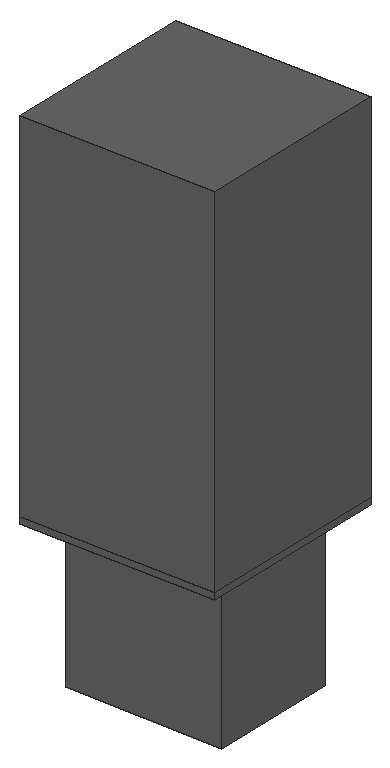
Revit family "LTC-6SQD-S", category Lighting Fixtures, host Face, Revit 2017
Family settings
  Host = Face
  Round Connector Dimension = Use Diameter
  Part Type = Normal
  OmniClass Number = 23.80.70.11.14.11
  OmniClass Title = Downlights
  Cut with Voids When Loaded = No
  Light Source = Yes
  Shared = Yes
  Room Calculation Point = No
Parameters (values of type "LTC-6SQD-SRMD")
  Width = 7.58984"
  Wattage Comments = "8-25"  # constant formula
  Wattage = 25 W
  built-in parameter 1150110 = 1 (stored number, unit not read)
  Voltage = if(Is 120V, 120 V, 277 V)  # 120 V
  URL = "https://www.hubbell.com/prescolite/en"
  built-in parameter 1114217 = 1 (stored number, unit not read)
  Tilt Angle = -90.00°
  built-in parameter 1150109 = 1 (stored number, unit not read)
  built-in parameter 1150134 = (empty or 0)
  built-in parameter 1150113 = 1 (stored number, unit not read)
  SRMD = yes
  Reflector Finish = Paint - Hubbell - Carbon Black
  Recessed = no
  Product Page URL = "https://www.hubbell.com/prescolite/en/Products/Lighting-Controls/Commercial-Indoor-Lighting/Cylinders/LITEISTRY-6-Square-Cylinder/p/3775907"
  Product Material = Paint - Hubbell - Carbon Black
  Product Documentation Link = "https://hubbellcdn.com/specsheet/LTC-6SQD.pdf"
  Photometric Web File = "LTC-6SQD-P-06L35K8MD-DM1-S-BL.ies"
  Photometric Notes = "More IES files download on Photometric Web Link"  # constant formula
  Model = "LTC-6SQD"  # constant formula
  Manufacturer = "Prescolite"  # constant formula
  built-in parameter 1150105 = -6252400 (stored number, unit not read)
  Lumens = 2200 lm
  built-in parameter 1150115 = 1 (stored number, unit not read)
  Load Classification = Lighting
  built-in parameter 1150137 = (empty or 0)
  built-in parameter 1150139 = (empty or 0)
  built-in parameter 1150112 = 1 (stored number, unit not read)
  built-in parameter 1150114 = 1 (stored number, unit not read)
  Lamp = " LED's"  # constant formula
  Is 277V = not(Is 120V)  # no
  Is 120V = yes
  built-in parameter 1150132 = (empty or 0)
  built-in parameter 1150102 = (empty or 0)
  built-in parameter 1150107 = 3000 (stored number, unit not read)
  built-in parameter 1150138 = (empty or 0)
  built-in parameter 1150106 = -62524 (stored number, unit not read)
  Height = 14.00"
  Glass = Hubbell - White Glass
  Frequency = 60 Hz  # constant formula
  Emit from Rectangle Width = Width  # 7.58984"
  Emit from Rectangle Length = Width  # 7.58984"
  Emit Shape Visible in Rendering = yes
  built-in parameter 1150104 = 8.1755 (stored number, unit not read)
  Dimming Lamp Color Temperature Shift = <None>
  Description = "LITEISTRY™ 6inch Square Cylinder Downlight"  # constant formula
  Default Elevation = 48.00"
  Contact Us = "https://www.hubbell.com/prescolite/en/contactUs"
  Connector Description = "Lighting Connector"  # constant formula
  Color Filter = 16777215
  Ceiling Thickness [instance] = 1.25"
  Cutout Radius = 3.125"
  Ceiling Cutout = Cutout Radius * 2  # 6.25"
  Canopy width = 7.58984"
  Canopy Height = 0.25"
  built-in parameter 1114218 = 1 (stored number, unit not read)
  built-in parameter 1150133 = 10 (stored number, unit not read)
  Apparent Load = 52 VA
Types (6): name | SRMD | Recessed | Canopy width | Canopy Height
  (no name) | yes | no | 7.58984" | 0.25"
  LTC-6SQD-S | no | yes | 7.58984" | 0.25"
  LTC-6SQD-SRMD | yes | no | 7.58984" | 0.25"
  LTC-6SQD-SCC | no | no | 7.75" | 3.00"
  LTC-6SQD-SPC | no | yes | 7.75" | 3.00"
  LTC-6SQD-SPCC | no | no | 7.82813" | 4.50"
Reference planes (in)
  plane 1 "Center (Front/Back)": y = 0
  plane 2: z = 0
  plane 3 "Center (Left/Right)": x = 0
  plane 4: x = 3
  plane 5: x = -3
  plane 6: y = 3
  plane 7: y = -3
  plane 8: x = 3.79492
  plane 9: x = -3.79492
  plane 10: y = 3.79492
  plane 11: y = -3.79492
  plane 12: z = -6
  plane 13: x = 3.79492
  plane 14: x = -3.79492
  plane 15: z = 0.25
  plane 16: y = 3.79492
  plane 17: y = -3.79492
  plane 18: z = 14.25
Forms (in)
  Extrusion 1, void
    sketch origin (0, 0, 0) x (1, 0, 0) y (0, 1, 0)
      loop
        circle (0, 0) r 3.125
    from -1.25 to 0
  Extrusion 2, solid, material "Paint - Hubbell - Carbon Black" <- "Product Material", visible <- "SRMD"
    sketch origin (0, 0, 0) x (1, 0, 0) y (0, 1, 0)
      loop
        line (-3.04492, 2.5) -> (-3.04492, -2.5) -> (3.04492, -2.5) -> (3.04492, 2.5) -> (-3.04492, 2.5)
    from -6 to 0
  Extrusion 3, solid, material "Paint - Hubbell - Carbon Black" <- "Product Material", visible <- "Recessed"
    sketch origin (0, 0, 0) x (1, 0, 0) y (0, 1, 0)
      loop
        line (-1.73205, 3) -> (-3.4641, 0) -> (-1.73205, -3) -> (1.73205, -3) -> (3.4641, 0) -> (1.73205, 3) -> (-1.73205, 3)
    from -2.14078 to 0
  Extrusion 4, solid, material "Paint - Hubbell - Carbon Black" <- "Product Material"
    sketch origin (0, 0, 0) x (1, 0, 0) y (0, 0, 1)
      loop
        line (-3.79492, 0) -> (3.79492, 0) -> (3.79492, 0.25) -> (-3.79492, 0.25) -> (-3.79492, 0)
    from -3.79492 to 3.79492
  Extrusion 5, solid, material "Paint - Hubbell - Carbon Black" <- "Product Material"
    sketch origin (0, 0, 5) x (1, 0, 0) y (0, 1, 0)
      loop
        line (-3.79492, 3.79492) -> (-3.79492, -3.79492) -> (3.79492, -3.79492) -> (3.79492, 3.79492) -> (-3.79492, 3.79492)
    from -4.75 to 9.25
Dimensions and locks (in)
  equal spacing: plane 9, plane 3 "Center (Left/Right)", plane 8
  equal spacing: plane 11, plane 1 "Center (Front/Back)", plane 10
  "Width": plane 11 to plane 10
  "Width": plane 9 to plane 8
  "Canopy Height": plane 15 to plane 2
  equal spacing: plane 13, plane 3 "Center (Left/Right)", plane 14
  "Canopy width": plane 13 to plane 14
  "Canopy width": plane 16 to plane 17
  equal spacing: plane 16, plane 1 "Center (Front/Back)", plane 17
  "Height": plane 18 to plane 15
  "Cutout Radius": radius of Extrusion 1 sketch curve
  aligned and locked: plane 2 to host face
  aligned and locked: level to host face
  aligned and locked: level to Extrusion 1
  aligned and locked: plane 1 "Center (Front/Back)" to Extrusion 1 sketch curve
  aligned and locked: plane 3 "Center (Left/Right)" to Extrusion 1 sketch curve
  aligned and locked: plane 3 "Center (Left/Right)" to imposter light
  aligned and locked: Extrusion 4 sketch curve to host face
  aligned and locked: Extrusion 4 sketch curve to plane 14
  aligned and locked: Extrusion 4 sketch curve to plane 15
  aligned and locked: plane 13 to Extrusion 4 sketch curve
  aligned and locked: Extrusion 4 to plane 16
  aligned and locked: plane 17 to Extrusion 4
  aligned and locked: plane 15 to Extrusion 5
  aligned and locked: Extrusion 5 to plane 18
  aligned and locked: imposter light to plane 18
  aligned and locked: plane 2 to Extrusion 3
Automatic sketch dimensions
  host sketch curve to host sketch curve = 96.00"  (x2)
  Extrusion 2 sketch curve to plane 5 = 0.04492"
  plane 4 to Extrusion 2 sketch curve = 0.04492"
  Extrusion 2 sketch curve to plane 7 = 0.50"
  plane 6 to Extrusion 2 sketch curve = 0.50"
  Extrusion 5 sketch curve to plane 9 = 0.00"
  Extrusion 5 sketch curve to plane 8 = 0.00"
  plane 11 to Extrusion 5 sketch curve = 0.00"
  plane 10 to Extrusion 5 sketch curve = 0.00"
  plane 1 "Center (Front/Back)" to Extrusion 3 sketch curve = 0.00"  (x2)
  plane 6 to Extrusion 3 sketch curve = 0.00"
  plane 7 to Extrusion 3 sketch curve = 0.00"
  plane 9 to Extrusion 3 sketch curve = 0.33082"
  plane 5 to Extrusion 3 sketch curve = 1.26795"  (x2)
  Extrusion 3 sketch curve to plane 4 = 1.26795"  (x2)
  Extrusion 3 sketch curve to plane 8 = 0.33082"
Connectors (in)
  electrical at (0, 0, 0), driven by "Connector Description", driven by "Voltage", driven by "Apparent Load", driven by "Load Classification"
    settings: on host face, index 1, voltage 120 V, apparent load 52 VA, apparent load phase1 0 VA, apparent load phase2 0 VA, apparent load phase3 0 VA, power factor 0.9, load classification "Lighting", number of poles 1, system type 30, power factor state 1, is connector primary yes, connector utility no, sub classification motor no, connector description "Lighting Connector"
